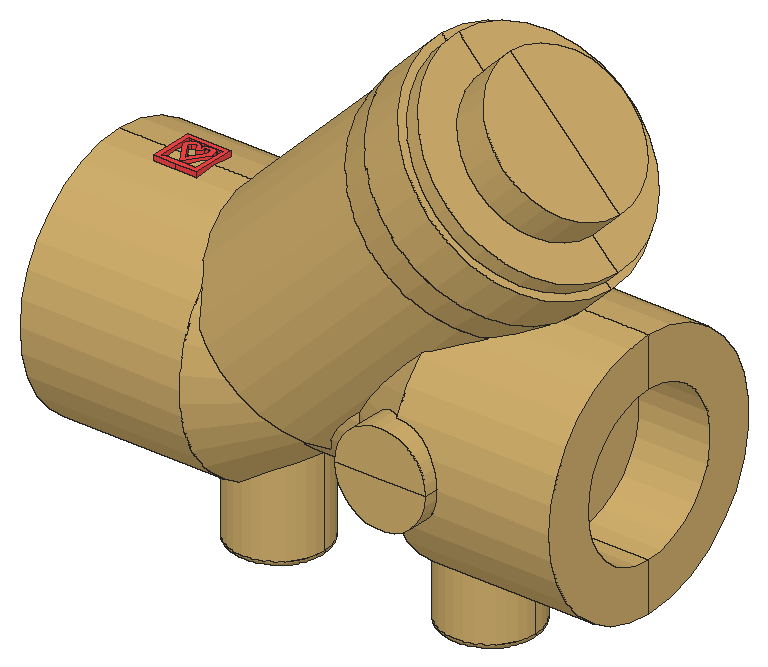
Revit family "Schmutzfänger 4111", category Rohrzubehör, Revit 2018
Family settings
  Bemaßung runder Anschluss = Durchmesser verwenden
  Teiletyp = Unterbricht
  OmniClass-Nummer = 23.65.55.14
  OmniClass-Titel = Valves for Liquid Services
  Arbeitsebenenbasiert = Nein
  Immer vertikal = Ja
  Beim Laden mit Abzugskörper schneiden = Nein
  Gemeinsam genutzt = Nein
Parameters
  max.Betriebstemp. = 110 °C  # constant formula
  W01 = 45.00°  # constant formula
  URL = "www.herz-armaturen.at"
  Siebkappe = "geschmiedetes Messing gem. EN 12420, CW617N"  # constant formula
  Sieb = "Streckmetall, Rautenmasche, Edelstahl 1.4301, Maschenweite 0,75mm"  # constant formula
  SW02 [instance] = size_lookup("4111_", "SW2", 11.000 mm, Nennweite)  # 8.500 mm
  SW01 [instance] = size_lookup("4111_", "SW1", 16.000 mm, Nennweite)  # 16.000 mm
  SCTWSEQ = "AW;SBT_TYP_AW=\"112\";2"
  SCTWCODE = "04;16;02"  # constant formula
  SCRNSEQ = "AWI;AWI_TYP=\"1011\";2"
  SCRNCODE = "05;15;02"  # constant formula
  S01 [instance] = R01 * 2  # 52.000 mm
  R100 = 1.000 mm  # constant formula
  R10 [instance] = size_lookup("4111_", "R10", 8.500 mm, Nennweite)  # 6.950 mm
  R09 [instance] = size_lookup("4111_", "R9", 30.000 mm, Nennweite)  # 15.000 mm
  R08 [instance] = R07 - 1.500 mm  # 23.500 mm
  R07 [instance] = size_lookup("4111_", "R7", 46.500 mm, Nennweite)  # 25.000 mm
  R06 [instance] = size_lookup("4111_", "R6", 43.000 mm, Nennweite)  # 24.000 mm
  R05 [instance] = Nennweite / 2  # 16.000 mm
  R04 [instance] = size_lookup("4111_", "R4", 11.500 mm, Nennweite)  # 9.500 mm
  R03 = 9.500 mm  # constant formula
  R02 [instance] = Nennweite / 2  # 16.000 mm
  R01 [instance] = (Nennweite / 2) + 10.000 mm  # 26.000 mm
  PN [instance] = size_lookup("4111_", "PN", 16, Nennweite)  # 25
  Nennweite [instance] = 32.000 mm
  Medium = "Heizungswasserqualität nach ÖNORM H 5195 oder VDI-Richtline 2035. Die Verwendung von Ethylen- oder\r\nPropylenglykol in einem Mischungsverhältnis 25 - 50% ist zulässig. Bitte beachten Sie die Hersteller- Dokumentation,\r\nwenn Glykol-Produkte für Frost- und Korrosionsschutz zum Einsatz kommen. EPDM-Dichtungen können durch\r\nMineralöle und Schmiermittel beschädigt werden und somit kann es zum Versagen der EPDM-Dichtungen führen.\r\nHERZ Kugelhähne sind nicht für den Einsatz von agressiven Medien (wie Säuren, Laugen, brennbaren und explosiven\r\nGase) geeignet, da die Dichtelemente beschädigt werden können."
  L16 [instance] = L03 - 4.500 mm  # 10.500 mm
  L15 [instance] = R01 - 1.000 mm  # 25.000 mm
  L14 [instance] = L06 - L08  # 7.300 mm
  L13 [instance] = size_lookup("4111_", "L13", 4.000 mm, Nennweite)  # 3.500 mm
  L12 = 0.800 mm  # constant formula
  L11 [instance] = size_lookup("4111_", "L11", 11.000 mm, Nennweite)  # 8.000 mm
  L10 = 3.500 mm  # constant formula
  L09 [instance] = size_lookup("4111_", "L9", 11.000 mm, Nennweite)  # 10.000 mm
  L08 [instance] = size_lookup("4111_", "L8", 35.000 mm, Nennweite)  # 52.700 mm
  L07 [instance] = size_lookup("4111_", "L7", 35.000 mm, Nennweite)  # 20.000 mm
  L06 [instance] = size_lookup("4111_", "L6", 118.000 mm, Nennweite) - L09  # 60.000 mm
  L05 [instance] = size_lookup("4111_", "L5", 44.000 mm, Nennweite)  # 27.500 mm
  L04 [instance] = size_lookup("4111_", "L4", 45.000 mm, Nennweite)  # 28.600 mm
  L03 = 15.000 mm  # constant formula
  L02 [instance] = size_lookup("4111_", "L2", 22.000 mm, Nennweite)  # 7.500 mm
  L01 [instance] = size_lookup("4111_", "L1", 48.000 mm, Nennweite)  # 33.000 mm
  L00 [instance] = size_lookup("4111_", "L", 180.000 mm, Nennweite)  # 110.000 mm
  Innengewinde = "gem. ISO 228-1"  # constant formula
  Hersteller = "Herz-Armaturen GmbH"  # constant formula
  H01 [instance] = size_lookup("4111_", "H1", 53.000 mm, Nennweite)  # 39.000 mm
  Gehäuse = "entzinkungsbeständiges Messing CC770S"  # constant formula
  Dichtungen = "EPDM"  # constant formula
  Bestellnummer [instance] = size_lookup("4111_", "Artnr", 0, Nennweite)  # 1411114
  Anwendungsgebiet = "Die Schmutzfänger werden in Rohrleitungen eingebaut, um schädliche Fremdkörper von den feinst bearbeiteten\r\nVentilsitzen fernzuhalten. Anwendungsgebiete sind haustechnische Anlagen, wie z.B. Heizungs- oder\r\nKaltwasseranlagen für die Klimatisierung von Gebäuden. Aromatische Chlorkohlenwasserstoffe, welche in Erdgas,\r\nErdölen und Schmiermitteln vorkommen, zerstören die EPDM- Dichtungen."
Reference planes
  plane 1 "Mitte (Vorne/hinten)": y = 0
  plane 2: z = 0
  plane 3 "Mitte (Links/rechts)": x = 0
Forms (mm)
  Revolve 1, solid, material "Messing", detail levels fine
    sketch origin (470, 0, 0) x (1, 0, 0) y (0, 0, 1)
      loop
        line (-525, 16) -> (-510, 16) -> (-510, 0) -> (-430, 0) -> (-430, 16) -> (-415, 16) -> (-415, 26) -> (-448, 26) -> (-462.5, 16) -> (-477.5, 16) -> (-492, 26) -> (-525, 26) -> (-525, 16)
      axis (-525, 0) -> (-415, 0)
    angle from 0 to 360
  Revolve 2, solid, material "Messing", detail levels fine
    sketch origin (470, 0, 0) x (1, 0, 0) y (0, 0, 1)
      loop
        line (-501.5, 0) -> (-501.5, -38)
        arc (-501.5, -38) -> (-501.207, -38.707) -> (-500.5, -39) r 1
        line (-500.5, -39) -> (-492, -39) -> (-492, 0) -> (-501.5, 0)
      axis (-492, 0) -> (-492, -39)
    angle from 0 to 360
  Revolve 3, solid, material "Messing", detail levels fine
    sketch origin (0, 0, 0) x (1, 0, 0) y (0, 1, 0)
      loop
        line (22, -28.6) -> (31.5, -28.6) -> (31.5, 27.5) -> (22, 27.5) -> (22, -28.6)
      axis (22, -28.6) -> (22, 27.5)
    angle from 0 to 360
  Revolve 4, solid, material "Messing", detail levels fine
    sketch origin (-470, 0, 0) x (-1, 0, 0) y (0, 0, 1)
      loop
        line (-501.5, 0) -> (-501.5, -38)
        arc (-501.5, -38) -> (-501.207, -38.707) -> (-500.5, -39) r 1
        line (-500.5, -39) -> (-492, -39) -> (-492, 0) -> (-501.5, 0)
      axis (-492, 0) -> (-492, -39)
    angle from 0 to 360
  Revolve 5, solid, material "Messing", detail levels fine
    sketch origin (0.32, 0, -0.105) x (1, 0, 0) y (0, 0, 1)
      loop
        line (-20.32, 0) -> (37.309, 57.629) -> (25.995, 68.943) -> (20.339, 63.286) -> (15.035, 68.589) -> (12.56, 66.114) -> (11.5, 67.175) -> (4.429, 60.104) -> (-0.026, 54.235) -> (-32.129, 22.132) -> (-31.634, 11.314) -> (-20.32, 0)
      axis (-20.32, 0) -> (37.309, 57.629)
    angle from 0 to 360
Lines and regions (mm)
  model lines, detail levels coarse+medium
    curve 1: line (-55, 0, 26) -> (55, 0, 26)
    curve 2: line (-55, 0, -26) -> (-55, 0, 26)
    curve 3: line (55, 0, -26) -> (-55, 0, -26)
    curve 4: line (55, 0, 26) -> (55, 0, -26)
    curve 6: line (-55, 26, 0) -> (55, 26, 0)
    curve 7: line (-55, -26, 0) -> (-55, 26, 0)
    curve 8: line (55, -26, 0) -> (-55, -26, 0)
    curve 9: line (55, 26, 0) -> (55, -26, 0)
    curve 10: line (55, -26, 0) -> (-55, 26, 0)
  symbolic lines, style "PipeAccessory"
    curve 5: line (55, 0, -26) -> (-55, 0, 26)
Dimensions and locks
  "H01": plane 2 to Revolve 2 sketch curve
  "L00": Revolve 1 sketch curve to Revolve 1 sketch curve
  equal spacing: Revolve 1 sketch curve, plane 3 "Mitte (Links/rechts)", Revolve 1 sketch curve
  "R01": Revolve 1 sketch curve to Revolve 1 sketch curve  (x2)
  "R02": Revolve 1 sketch curve to Revolve 1 sketch curve  (x3)
  "L01": Revolve 1 sketch curve to Revolve 1 sketch curve  (x2)
  "L02": plane 3 "Mitte (Links/rechts)" to Revolve 1 sketch curve
  "L02": Revolve 1 sketch curve to plane 3 "Mitte (Links/rechts)"
  "L03": Revolve 1 sketch curve to Revolve 1 sketch curve  (x2)
  "L01": Revolve 1 to Revolve 2 sketch curve
  "R03": Revolve 2 sketch curve to Revolve 2 sketch curve
  "L01": Revolve 4 sketch curve to Revolve 1
  "R03": Revolve 4 sketch curve to Revolve 4 sketch curve
  "H01": plane 2 to Revolve 4 sketch curve
  "L04": Revolve 3 sketch curve to plane 1 "Mitte (Vorne/hinten)"
  "L05": plane 1 "Mitte (Vorne/hinten)" to Revolve 3 sketch curve
  "R04": Revolve 3 sketch curve to Revolve 3 sketch curve
  "L01": Revolve 3 sketch curve to Revolve 1
  "SW01": Revolve 5 sketch curve to Revolve 5 sketch curve
  "R08": Revolve 5 sketch curve to Revolve 5 sketch curve
  "L10": Revolve 5 sketch curve to Revolve 5 sketch curve
  "L11": Revolve 5 sketch curve to Revolve 5 sketch curve
  "R07": Revolve 5 sketch curve to Revolve 5 sketch curve
  "L07": plane 3 "Mitte (Links/rechts)" to Revolve 5 sketch curve
  "R05": Revolve 5 sketch curve to Revolve 5 sketch curve
  "L06": Revolve 5 sketch curve to Revolve 5 sketch curve
  "L09": Revolve 5 sketch curve to Revolve 5 sketch curve
  "L08": Revolve 5 sketch curve to Revolve 5 sketch curve
  "R06": Revolve 5 sketch curve to Revolve 5 sketch curve
  "L14": Revolve 5 sketch curve to Revolve 5 sketch curve
  "L15": nested 1 to plane 2
  "L16": Revolve 1 to nested 1
  equal spacing: curve 7, plane 3 "Mitte (Links/rechts)", curve 9
  "L00": curve 7 to curve 9
  "S01": curve 6 to curve 8
  equal spacing: curve 4, plane 3 "Mitte (Links/rechts)", curve 2
  "L00": curve 4 to curve 2
  equal spacing: curve 1, plane 2, curve 3
  "S01": curve 1 to curve 3
  equal spacing: curve 8, plane 1 "Mitte (Vorne/hinten)", curve 6
  "R100": radius of Revolve 2 sketch curve
  "R100": radius of Revolve 4 sketch curve
  "W01": angle plane 2 to Revolve 5 sketch curve
  "W01": angle level to Revolve 5 sketch curve
  aligned and locked: level to plane 2
Automatic sketch dimensions
  Revolve 1 sketch curve to level = 0.000 mm  (x2)
  Revolve 1 sketch curve to Revolve 1 sketch curve = 791.990 mm
  Revolve 1 sketch curve to Revolve 1 sketch curve = 2278.983 mm
  Revolve 2 sketch curve to level = 0.000 mm  (x2)
  Revolve 2 sketch curve to Revolve 2 sketch curve = 0.000 mm
  Revolve 2 sketch curve to Revolve 2 sketch curve = 0.292 mm
  Revolve 3 sketch curve to Revolve 3 sketch curve = 0.000 mm  (x3)
  Revolve 4 sketch curve to level = 0.000 mm  (x2)
  Revolve 4 sketch curve to Revolve 4 sketch curve = 0.000 mm
  Revolve 4 sketch curve to Revolve 4 sketch curve = 0.292 mm
  Revolve 5 sketch curve to level = 0.105 mm
  Revolve 5 sketch curve to Revolve 5 sketch curve = 0.000 mm  (x2)
Nested families
  nested 1: "Herz-Logo" at (-39.982, 0, 25), type "Herz-Logo", detail levels fine
Connectors
  piping at (-40, 0, 0), diameter 32, driven by "Nennweite"
    settings: on Revolve 1, index 1, connector inside diameter 609.6 mm, connector length 0.000 mm, flow factor 0, pipe flow 0.0 L/s, pressure drop 0.0 Pa, fitting loss kfactor 0, connector angle 0.00°, fixture units 0, engagement length 0.000 mm, angle of deflection 0.00°, flow configuration 0, flow direction 1, fitting loss method 0, system type 29, joint type 0, gender type 0, connector reference index -1, connector utility 0, adjustable connector no, is connector primary yes, connector description ""
  piping at (40, 0, 0), diameter 32, driven by "Nennweite"
    settings: on Revolve 1, index 2, connector inside diameter 609.6 mm, connector length 0.000 mm, flow factor 0, pipe flow 0.0 L/s, pressure drop 0.0 Pa, fitting loss kfactor 0, connector angle 0.00°, fixture units 0, engagement length 0.000 mm, angle of deflection 0.00°, flow configuration 0, flow direction 2, fitting loss method 0, system type 29, joint type 0, gender type 0, connector reference index -1, connector utility 0, adjustable connector no, is connector primary no, connector description ""
Definition of nested family "Herz-Logo"
  Reference planes
    plane 1 "Mitte (Vorne/hinten)": y = 0
    plane 2: z = 0
    plane 3 "Mitte (Links/rechts)": x = 0
  Forms (mm)
    Extrusion 1, solid
      sketch origin (0, 0, 0) x (1, 0, 0) y (0, 1, 0)
        loop
          line (-0.018, -4.517) -> (4.482, -4.517) -> (4.482, 4.483) -> (-4.518, 4.483) -> (-4.518, -4.517) -> (-0.018, -4.517)
        loop
          line (-0.05, -3.48) -> (3.482, -3.48) -> (3.482, 3.483) -> (-3.518, 3.483) -> (-3.518, -3.48) -> (-0.05, -3.48)
        loop
          arc (-0.018, 2.383) -> (-1.543, 3.287) -> (-3.067, 2.383) r 1.738
          arc (-3.067, 2.383) -> (-3.191, 1.899) -> (-3.067, 1.415) r 1.009
          line (-3.067, 1.415) -> (-0.018, -3.281) -> (3.032, 1.415)
          arc (3.032, 1.415) -> (3.156, 1.899) -> (3.032, 2.383) r 1.009
          arc (3.032, 2.383) -> (1.507, 3.287) -> (-0.018, 2.383) r 1.738
        loop
          arc (1.885, 1.272) -> (2.005, 1.675) -> (1.885, 2.079) r 0.74
          arc (1.885, 2.079) -> (1.265, 2.416) -> (0.644, 2.079) r 0.74
          line (0.644, 2.079) -> (-0.018, 0.97) -> (-0.679, 2.079)
          arc (-0.679, 2.079) -> (-1.3, 2.416) -> (-1.921, 2.079) r 0.74
          arc (-1.921, 2.079) -> (-2.04, 1.675) -> (-1.921, 1.272) r 0.74
          line (-1.921, 1.272) -> (-0.018, -1.658) -> (1.885, 1.272)
      from 0 to 1.5
  Dimensions and locks
    aligned and locked: level to plane 2
